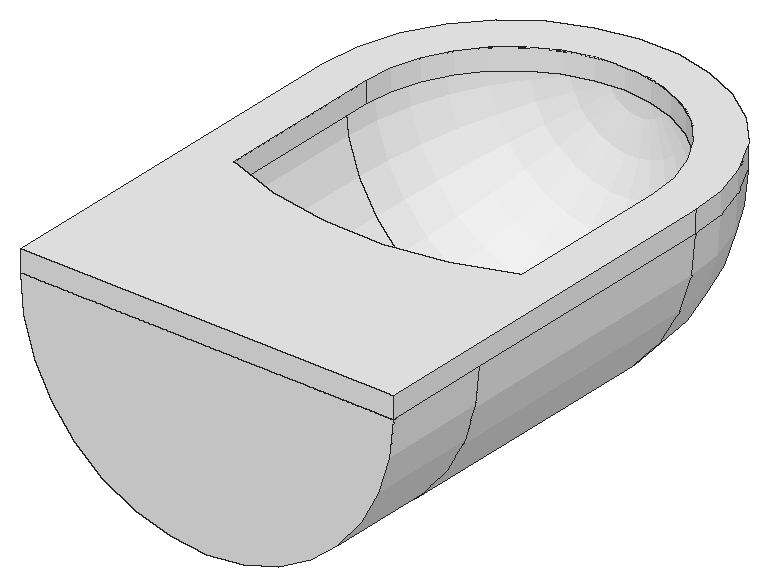
Revit family "WC Wall Mounted", category Plumbing Fixtures, Revit 2015
Parameters (values of type "WC Wall Mounted")
  Material [instance] = Porcelain White
  Manufacturer = ""
  Assembly Code = ""
Reference planes
  plane 1 "Center (Front/Back)": y = 0
  plane 2: z = 0
  plane 3 "Center (Left/Right)": x = 0
Forms (mm)
  Extrusion 1, solid, material "Porcelain White" <- "Material"
    sketch origin (0, 0, 307.334) x (1, 0, 0) y (0, 1, 0)
      loop
        line (-175, 0) -> (175, 0) -> (175, 355)
        arc (175, 355) -> (0, 530) -> (-175, 355) r 175
        line (-175, 355) -> (-175, 0)
      loop
        line (135, 200) -> (135, 355)
        arc (135, 355) -> (0, 490) -> (-135, 355) r 135
        line (-135, 355) -> (-135, 200)
        arc (-135, 200) -> (0, 170.177) -> (135, 200) r 320.46
    from -20 to 0
  Blend 2, solid, material "Porcelain White" <- "Material"
    base sketch origin (0, 124.9, 287.334) x (0, 0, -1) y (1, 0, 0)
      loop
        arc (0, -175) -> (175, 0) -> (0, 175) r 175
        line (0, 175) -> (0, -175)
    top sketch origin (0, 124.9, 287.334) x (0, 0, -1) y (1, 0, 0)
      loop
        arc (0, -174.95) -> (175, 0.05) -> (0, 175.05) r 175
        line (0, 175.05) -> (0, -174.95)
    from 24.9 to 124.9
  Revolve 3, solid, material "Porcelain White" <- "Material"
    sketch origin (0, 0, 287.334) x (1, 0, 0) y (0, 1, 0)
      loop
        line (-175, 100) -> (-155, 100) -> (-155, 355)
        arc (-155, 355) -> (-109.602, 464.602) -> (0, 510) r 155
        line (0, 510) -> (0, 530)
        arc (0, 530) -> (-123.744, 478.744) -> (-175, 355) r 175
        line (-175, 355) -> (-175, 100)
      axis (0, 530) -> (0, 100)
    angle from 0 to 180
Lines and regions (mm)
  Masking region 1, detail levels coarse
    outline origin (0, 0, 0) x (1, 0, 0) y (0, 1, 0)
      loop
        line (-174.95, 0) -> (175.05, 0) -> (175.05, 355)
        arc (175.05, 355) -> (0.05, 530) -> (-174.95, 355) r 175
        line (-174.95, 355) -> (-174.95, 0)
  symbolic lines
    curve 1: line (175.05, 0, 0) -> (-174.95, 0, 0)
    curve 2: line (-174.95, 0, 0) -> (-174.95, 355, 0)
    curve 3: arc (-174.95, 355, 0) -> (0.05, 530, 0) -> (175.05, 355, 0) r 175
    curve 4: line (175.05, 355, 0) -> (175.05, 0, 0)
    curve 9: arc (135.05, 200, 0) -> (0.05, 170.177, 0) -> (-134.95, 200, 0) r 320.46
    curve 10: line (-134.95, 200, 0) -> (-134.95, 355, 0)
    curve 11: arc (-134.95, 355, 0) -> (0.05, 490, 0) -> (135.05, 355, 0) r 135
    curve 12: line (135.05, 355, 0) -> (135.05, 200, 0)
  symbolic lines, detail levels medium+fine
    curve 5: arc (-94.95, 125, 0) -> (-84.95, 135, 0) -> (-74.95, 125, 0) r 10
    curve 6: arc (-74.95, 125, 0) -> (-84.95, 115, 0) -> (-94.95, 125, 0) r 10
    curve 7: arc (75.05, 125, 0) -> (85.05, 135, 0) -> (95.05, 125, 0) r 10
    curve 8: arc (95.05, 125, 0) -> (85.05, 115, 0) -> (75.05, 125, 0) r 10
    curve 13: arc (45.05, 254.425, 0) -> (0.05, 239.703, 0) -> (-44.95, 254.425, 0) r 76.135
    curve 14: line (-44.95, 254.425, 0) -> (-44.95, 295.177, 0)
    curve 15: arc (-44.95, 295.177, 0) -> (0.05, 340.177, 0) -> (45.05, 295.177, 0) r 45
    curve 16: line (45.05, 295.177, 0) -> (45.05, 254.425, 0)
